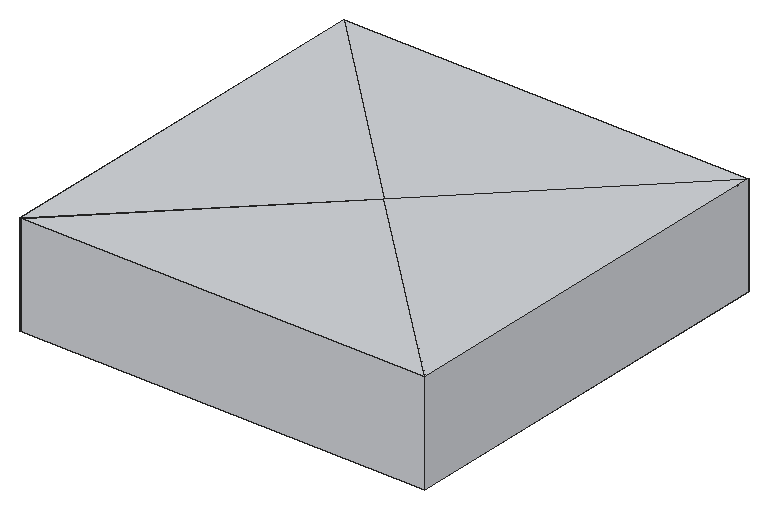
Revit family "電線管用ファミリ(片側のみ)_22", category Electrical Fixtures, Revit 2021
Family settings
  Maintain Annotation Orientation = Yes
  Round Connector Dimension = Use Diameter
  Part Type = Normal
  OmniClass Number = 23.80.00.00
  OmniClass Title = Electric Power and Lighting
  Work Plane-Based = No
  Always vertical = Yes
  Cut with Voids When Loaded = No
  Shared = No
  Room Calculation Point = No
Parameters
  コネクタ直径 [instance] = 16 mm
  W [instance] = 200 mm
  Default Elevation = 0 mm
  D [instance] = 200 mm
Reference planes
  plane 1 "Center (Front/Back)": y = 0
  plane 2: z = 0
  plane 3 "Center (Left/Right)": x = 0
  plane 4: x = -100
  plane 5: x = 100
  plane 6: y = 100
  plane 7: y = -100
  plane 8: z = 50
Forms (mm)
  Extrusion 1, solid
    sketch origin (0, 0, 0) x (1, 0, 0) y (0, 1, 0)
      loop
        line (-100, 100) -> (-100, -100) -> (100, -100) -> (100, 100) -> (-100, 100)
    from 0 to 50
  Extrusion 2, solid
    sketch origin (0, 0, 0) x (1, 0, 0) y (0, 1, 0)
      loop
        line (-100, 100) -> (-100, -100) -> (0, 0) -> (-100, 100)
    from 0 to 50
  Extrusion 3, solid
    sketch origin (0, 0, 0) x (1, 0, 0) y (0, 1, 0)
      loop
        line (100, 100) -> (0, 0) -> (100, -100) -> (100, 100)
    from 0 to 50
Dimensions and locks
  equal spacing: plane 4, plane 3 "Center (Left/Right)", plane 5
  "W": plane 4 to plane 5
  equal spacing: plane 6, plane 1 "Center (Front/Back)", plane 7
  "D": plane 6 to plane 7
  aligned and locked: level to plane 2
  aligned and locked: Extrusion 1 sketch curve to plane 6
  aligned and locked: plane 4 to Extrusion 1 sketch curve
  aligned and locked: plane 7 to Extrusion 1 sketch curve
  aligned and locked: Extrusion 1 sketch curve to plane 5
  aligned and locked: plane 8 to Extrusion 1
  aligned and locked: plane 8 to Extrusion 2
  aligned and locked: plane 8 to Extrusion 3
Automatic sketch dimensions
  Extrusion 2 sketch curve to plane 4 = 0 mm
  plane 1 "Center (Front/Back)" to Extrusion 2 sketch curve = 0 mm
  Extrusion 2 sketch curve to plane 3 "Center (Left/Right)" = 0 mm
  Extrusion 2 sketch curve to plane 7 = 0 mm
  plane 1 "Center (Front/Back)" to Extrusion 3 sketch curve = 0 mm
  Extrusion 3 sketch curve to plane 5 = 0 mm
  Extrusion 3 sketch curve to plane 7 = 0 mm
  Extrusion 3 sketch curve to plane 6 = 0 mm
Connectors
  cabletrayconduit at (0, 0, 50), diameter 16
    settings: on Extrusion 1, index 1, connector width 300 mm, connector height 300 mm, connector angle 0.00°, system type 32, placement type 0, profile type 0, connector reference index -1, is primary connector yes, connector utility param no, connector description ""
